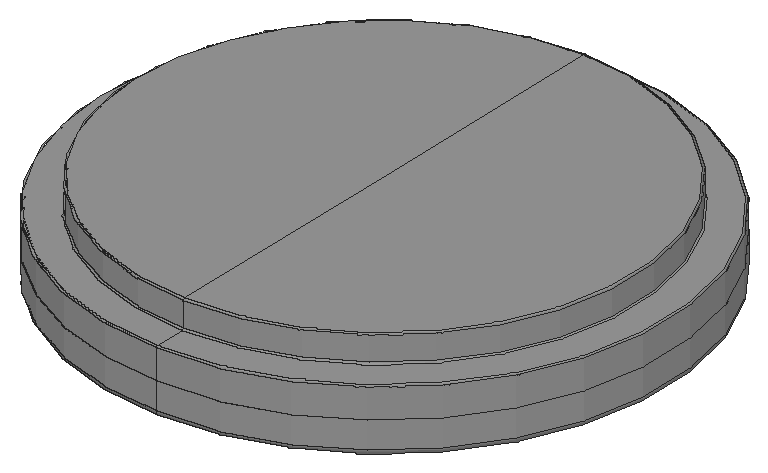
Revit family "FMS1_63_UN_Surface-mounted_ETK", category Lighting Fixtures, Revit 2019 (continued)
Definition of nested family "FMS.1 - Lightsource"
  Parameters (values of type "FMS.1110.10 - Ø270 / 18W / 1120lm / 4000K")
      394.7084\t391.0909\t387.0552\r\n382.4227\t377.3501\t371.7125\t365.6289\t359.0797\t352.0101\t344.5153\t336.5336\t328.0834\t319.186\r\n310.0492\t300.3991\t290.6808\t280.0535\t269.1382\t257.6606\t245.9715\t234.0356\t221.994\t209.6474\r\n197.1639\t184.5242\t171.8904\t158.2648\t144.4077\t130.6839\t117.093\t103.3426\t89.5213\t76.4321\r\n62.9064\t50.3095\t38.9022\t28.6824\t0\t0\r\n405.3384\t405.5619\t405.0308\t404.1037\t402.4481\t400.3826\t397.8529\t394.7029\t391.0716\t386.9514\r\n382.295\t377.2986\t371.6562\t365.6032\t359.0556\t351.9937\t344.5103\t336.584\t328.1776\t319.3532\r\n310.0974\t300.3356\t290.3174\t279.8488\t269.1115\t258.1537\t246.5385\t234.5863\t222.1937\t209.6472\r\n196.9332\t184.0086\t170.9271\t157.807\t144.7993\t131.1715\t116.9912\t103.0076\t89.4388\t75.7848\r\n62.8691\t50.2334\t38.592\t27.1196\t0\t0\r\n405.3384\t405.5633\t405.0407\t404.1312\t402.6392\t400.4187\t397.881\t394.7292\t391.0895\t386.9644\r\n382.2746\t377.1648\t371.4996\t365.4693\t358.9878\t351.9131\t344.4464\t336.5353\t328.1318\t319.3478\r\n310.1011\t300.4485\t290.394\t279.9618\t269.1603\t257.9107\t246.3524\t234.5985\t222.4284\t210.1088\r\n197.3969\t184.1969\t170.8703\t157.4428\t143.9608\t130.43\t116.9468\t103.5478\t89.3098\t75.5778\r\n62.4619\t50.0702\t38.7502\t24.5387\t1.901\t0\r\n405.3384\t405.5636\t405.0466\t404.1492\t402.6681\t400.5955\t398.0664\t394.9307\t391.1454\t387.0248\r\n382.3139\t377.1828\t371.4901\t365.4554\t358.8567\t351.7264\t344.248\t336.3296\t327.9212\t319.2201\r\n309.9694\t300.3191\t290.2888\t279.8993\t269.135\t258.007\t246.5323\t234.736\t222.5462\t210.0919\r\n197.3723\t184.3271\t171.1345\t157.7225\t144.2137\t130.4595\t116.5463\t102.7293\t88.9906\t75.6756\r\n62.4842\t49.7099\t38.4108\t19.5388\t9.0852\t0\r\n405.3384\t405.5627\t405.0483\t404.1575\t402.6822\t400.6129\t398.0939\t394.9827\t391.3659\t387.2691\r\n382.55\t377.4142\t371.7081\t365.686\t358.9237\t351.7483\t344.2571\t336.3046\t327.8656\t319.0519\r\n309.7319\t300.073\t290.0393\t279.6352\t268.8689\t257.7186\t246.2608\t234.4573\t222.2884\t210.0107\r\n197.2602\t184.3582\t171.2221\t157.8358\t144.2992\t130.7043\t116.8944\t103.0094\t89.1137\t75.4482\r\n62.0725\t49.5077\t38.5681\t16.4085\t6.3848\t0\r\n405.3384\t405.5608\t405.0458\t404.1562\t402.6815\t400.6096\t398.0931\t394.9913\t391.3746\t387.2895\r\n382.5726\t377.4458\t371.7456\t365.7409\t359.116\t351.9176\t344.4382\t336.4672\t328.028\t319.2025\r\n309.8386\t300.1705\t290.1395\t279.7338\t268.942\t257.7639\t246.2815\t234.4244\t222.1929\t209.9028\r\n196.969\t184.0235\t170.8906\t157.4183\t143.9226\t130.2982\t116.5333\t102.7217\t88.9801\t75.3324\r\n62.0708\t49.4881\t37.8886\t16.6443\t6.3206\t4.5649\r\n405.3384\t405.5579\t405.0392\t404.1453\t402.6658\t400.5861\t398.064\t394.9565\t391.3223\t387.2272\r\n382.4989\t377.367\t371.656\t365.6345\t358.8616\t351.6754\t344.1767\t336.2087\t327.7721\t318.9511\r\n309.6246\t299.9461\t289.9153\t279.5013\t268.7141\t257.5244\t246.0492\t234.2476\t222.0584\t209.8057\r\n197.0631\t184.1389\t170.9819\t157.6062\t144.0805\t130.4305\t116.7655\t102.8872\t88.9857\t75.3165\r\n61.9974\t49.5022\t38.5004\t19.5133\t10.1573\t0\r\n405.3384\t405.5537\t405.0285\t404.1246\t402.6354\t400.5421\t398.006\t394.879\t391.057\t386.9398\r\n382.2102\t377.0886\t371.3854\t365.3521\t358.7336\t351.5762\t344.0881\t336.1427\t327.7345\t319.0228\r\n309.7484\t300.0828\t290.0448\t279.6173\t268.8275\t257.6208\t246.1171\t234.3028\t222.0743\t209.66\r\n196.8854\t183.8167\t170.5486\t157.0989\t143.5804\t129.9288\t116.1512\t102.4281\t88.8066\t75.5773\r\n62.493\t49.7093\t38.2595\t25.0307\t14.9589\t0\r\n405.3384\t405.5487\t405.0137\t404.0945\t402.5903\t400.3393\t397.7919\t394.6519\t390.9587\t386.8388\r\n382.1207\t377.0237\t371.3413\t365.3181\t358.8128\t351.6794\t344.2118\t336.2599\t327.8486\t319.0383\r\n309.7477\t300.0564\t289.9668\t279.4805\t268.6528\t257.2839\t245.7289\t233.9178\t221.7092\t209.3665\r\n196.5454\t183.3687\t170.0181\t156.5779\t143.1684\t129.7197\t116.3848\t103.1589\t88.9988\t75.3396\r\n62.3046\t50.0937\t38.8254\t28.0997\t2.873\t0\r\n405.3384\t405.5424\t404.9947\t404.055\t402.3835\t400.2776\t397.7298\t394.604\t390.8997\t386.7863\r\n382.0919\t377.1147\t371.4463\t365.407\t358.8101\t351.6735\t344.1847\t336.2129\t327.7678\t318.9134\r\n309.5687\t299.7567\t289.6031\t279.1338\t268.3599\t257.1899\t245.6509\t233.7994\t221.2737\t208.667\r\n195.8953\t182.9771\t169.8766\t156.7282\t143.8338\t130.2381\t116.1827\t102.4101\t88.9484\t75.4168\r\n62.7296\t50.3091\t39.1414\t29.704\t0\t0\r\n405.3384\t405.5351\t404.9716\t403.8532\t402.3311\t400.2301\t397.6855\t394.5908\t390.8787\t386.8617\r\n382.175\t377.112\t371.4367\t365.3594\t358.743\t351.6058\t344.0956\t336.0642\t327.5154\t318.5932\r\n309.2834\t299.6126\t289.6216\t279.1214\t268.1429\t256.518\t244.9018\t233.0679\t220.8676\t208.4546\r\n195.9224\t183.2678\t170.6349\t156.9081\t143.1149\t129.4264\t115.9638\t102.4748\t88.9243\t76.0325\r\n62.7599\t50.5163\t39.7576\t30.4051\t0\t0\r\n405.3384\t405.5268\t404.9446\t403.805\t402.2873\t400.1964\t397.6585\t394.6138\t390.9631\t386.846\r\n382.1518\t377.0764\t371.382\t365.2552\t358.5991\t351.4668\t343.8615\t335.8105\t327.4306\t318.7174\r\n309.3728\t299.5147\t288.9811\t278.3636\t267.4085\t256.1152\t244.6556\t232.9217\t220.9954\t208.7993\r\n196.6284\t183.2571\t169.7766\t156.2175\t142.8009\t129.5874\t115.8561\t102.4694\t89.5373\t75.801\r\n62.8374\t50.9146\t40.2047\t6.0894\t0\t0\r\n405.3384\t405.5175\t404.9137\t403.7611\t402.2519\t400.1761\t397.6486\t394.7553\t390.9488\t386.789\r\n382.1121\t377.0119\t371.2861\t365.1175\t358.3294\t351.2537\t343.813\t335.977\t327.5604\t318.4278\r\n308.6974\t298.7546\t288.5068\t277.9956\t267.1616\t256.1159\t244.8144\t233.2945\t221.7169\t208.8064\r\n195.7188\t182.5554\t169.3922\t156.2082\t142.9406\t129.1804\t115.9091\t102.9762\t89.1253\t75.8369\r\n63.1021\t51.3207\t40.5082\t0\t0\t0\r\n405.3384\t405.5071\t404.732\t403.7215\t402.2248\t400.1686\t397.7338\t394.8479\t390.8965\t386.7357\r\n382.0539\t376.9054\t371.1484\t364.8842\t358.2241\t351.4508\t343.9783\t335.7216\t326.8896\t317.6788\r\n308.2461\t298.3973\t288.3086\t277.939\t267.2925\t256.4485\t245.5245\t233.6216\t220.7985\t208.0817\r\n195.2276\t182.3754\t169.6036\t156.0708\t142.5048\t129.2499\t116.3261\t102.426\t89.0803\t75.9582\r\n63.4055\t51.6359\t45.2068\t0\t0\t0\r\n405.3384\t405.4958\t404.7008\t403.6862\t402.2055\t400.2642\t397.7241\t394.865\t390.8568\t386.6659\r\n381.976\t376.6726\t370.9429\t364.8366\t358.4087\t351.334\t343.5563\t334.9914\t326.3919\t317.3169\r\n308.0073\t298.2976\t288.3747\t278.1618\t267.7576\t257.0033\t244.8286\t232.6273\t220.2623\t207.8032\r\n195.2499\t182.6548\t169.1292\t155.7437\t142.619\t129.6789\t115.7028\t102.2394\t89.062\t76.0071\r\n63.5996\t51.8486\t11.6838\t0\t0\t0\r\n405.3384\t405.4834\t404.6711\t403.6553\t402.1936\t400.258\t397.6979\t394.8548\t390.809\t386.5801\r\n381.7953\t376.5628\t370.9021\t365.0558\t358.2517\t350.708\t342.8497\t334.6091\t326.0741\t317.1853\r\n307.9783\t298.4528\t288.6922\t278.8691\t267.9516\t256.0449\t244.1901\t232.1682\t220.074\t207.8676\r\n195.4583\t182.0264\t168.8523\t155.8456\t142.9997\t129.0282\t115.4645\t102.3448\t88.8812\t76.0111\r\n63.697\t51.9403\t0\t0\t0\t0\r\n405.3384\t405.4702\t404.6431\t403.6287\t402.2832\t400.2467\t397.6616\t394.8126\t390.7531\t386.4813\r\n381.7031\t376.5033\t371.0899\t364.866\t357.6417\t350.2384\t342.4952\t334.4178\t325.9215\t317.2094\r\n308.1434\t298.8419\t289.3001\t278.281\t266.9656\t255.5234\t243.8676\t232.0908\t220.4035\t207.9609\r\n194.7531\t181.8051\t168.927\t156.2326\t142.3126\t128.7065\t115.4865\t101.9757\t88.7309\t76.0048\r\n63.7421\t56.6766\t0\t0\t0\t0\r\n405.3384\t405.4561\t404.6167\t403.6076\t402.2769\t400.2274\t397.6166\t394.7349\t390.6867\t386.33\r\n381.656\t376.7279\t370.9169\t364.2502\t357.2389\t349.8681\t342.264\t334.3087\t325.9477\t317.3662\r\n308.4811\t299.3487\t288.5326\t277.6229\t266.5022\t255.2499\t243.8518\t232.5118\t220.0293\t207.2658\r\n194.5118\t181.8749\t169.3599\t155.551\t141.9034\t128.5853\t115.2093\t101.7082\t88.6305\t75.9892\r\n63.7506\t34.8823\t0\t0\t0\t0\r\n405.3384\t405.441\t404.5919\t403.5925\t402.2647\t400.2005\t397.5636\t394.6195\t390.511\t386.2918\r\n381.8682\t376.6329\t370.3868\t363.8318\t356.9304\t349.652\t342.1589\t334.2951\t326.1382\t317.7058\r\n308.9338\t298.5236\t287.9506\t277.1892\t266.2979\t255.2333\t244.3108\t232.0843\t219.5682\t206.9936\r\n194.5653\t182.2533\t168.7385\t155.1122\t141.7148\t128.5532\t114.8199\t101.4796\t88.5326\t75.9589\r\n63.7436\t0\t0\t0\t0\t0\r\n405.3384\t405.4251\t404.5685\t403.5817\t402.2465\t400.1668\t397.508\t394.4112\t390.4413\t386.2913\r\n381.8067\t376.4311\t370.0062\t363.505\t356.7156\t349.5603\t342.1638\t334.4401\t326.4674\t318.1326\r\n308.1103\t297.9214\t287.5762\t277.012\t266.3002\t255.6656\t243.832\t231.5923\t219.2864\t207.014\r\n194.9442\t181.7689\t168.1866\t154.8828\t141.8181\t128.0517\t114.4929\t101.2468\t88.4031\t75.8633\r\n69.485\t0\t0\t0\t0\t0\r\n405.3384\t405.2485\t404.5335\t403.6645\t402.2224\t400.1255\t397.475\t394.1709\t390.3989\t386.5385\r\n381.6223\t375.8443\t369.6864\t363.2614\t356.5777\t349.5494\t342.2587\t334.7322\t326.9154\t317.3685\r\n307.5367\t297.5489\t287.3558\t277.0195\t266.7127\t255.5088\t243.294\t231.2722\t219.2355\t207.2358\r\n194.7953\t181.1626\t167.9131\t154.7557\t141.4371\t127.7042\t114.2298\t101.0851\t88.2593\t75.7374\r\n52.566\t0\t0\t0\t0\t0\r\n405.3384\t405.2313\t404.5149\t403.6585\t402.1924\t400.0874\t397.4062\t394.0524\t390.3827\t386.4783\r\n381.347\t375.4965\t369.4174\t363.101\t356.5087\t349.625\t342.4702\t335.2626\t326.2434\t316.8153\r\n307.1624\t297.3178\t287.3215\t277.1874\t266.6991\t254.7569\t242.9726\t231.1253\t219.3601\t207.4539\r\n194.0571\t180.8106\t167.6988\t154.8237\t140.9526\t127.3463\t114.024\t100.9381\t88.1442\t75.6199\r\n8.3292\t0\t0\t0\t0\t0\r\n405.3384\t405.2143\t404.4979\t403.65\t402.1564\t400.0372\t397.3255\t393.9625\t390.6129\t386.3063\r\n380.8286\t375.1745\t369.2361\t363.0129\t356.5201\t349.7807\t343.0483\t335.0507\t325.7043\t316.3858\r\n306.914\t297.2339\t287.4377\t277.4576\t265.9553\t254.3844\t242.7811\t231.1938\t219.6917\t206.6946\r\n193.5598\t180.5774\t167.6861\t154.2617\t140.5223\t127.0588\t113.7914\t100.7972\t88.0366\t83.4326\r\n0\t0\t0\t0\t0\t0\r\n405.3384\t405.1978\t404.4825\t403.6384\t402.0911\t399.9817\t397.1408\t393.8852\t390.547\t386.0015\r\n380.5505\t374.9336\t369.1354\t362.9788\t356.6063\t350.0031\t343.0514\t334.2028\t325.2569\t316.0815\r\n306.771\t297.3248\t287.8218\t276.8308\t265.4808\t254.1562\t242.7619\t231.3645\t219.1669\t206.151\r\n193.2513\t180.4127\t167.6455\t153.7701\t140.1673\t126.7721\t113.5971\t100.6559\t87.9035\t73.2104\r\n0\t0\t0\t0\t0\t0\r\n405.3384\t405.1816\t404.4685\t403.6236\t402.0462\t399.9218\t397.0406\t393.8449\t390.4197\t385.4588\r\n380.303\t374.7523\t369.0481\t362.9941\t356.7556\t350.4899\t342.3766\t333.7323\t324.91\t315.93\r\n306.7423\t297.7012\t287.638\t276.3403\t265.2041\t254.0066\t242.8588\t231.5472\t218.5675\t205.791\r\n193.0312\t180.5339\t166.992\t153.2951\t139.8329\t126.5198\t113.4096\t100.488\t87.7644\t50.183\r\n0\t0\t0\t0\t0\t0\r\n405.3384\t405.1658\t404.4556\t403.605\t402.0047\t399.8587\t396.9678\t394.0484\t390.2485\t385.1764\r\n380.0833\t374.6292\t368.9744\t363.0772\t356.9562\t350.3807\t341.8775\t333.354\t324.6587\t315.8276\r\n306.8408\t297.6991\t286.865\t275.9921\t265.0466\t254.0282\t243.181\t230.8144\t218.1129\t205.4704\r\n192.95\t180.3241\t166.4787\t152.9016\t139.4897\t126.2465\t113.2069\t100.3244\t87.5932\t7.0091\r\n0\t0\t0\t0\t0\t0\r\n405.3384\t405.1736\t404.4436\t403.5723\t401.9608\t399.8075\t396.909\t394.0477\t390.0041\t384.9479\r\n379.8834\t374.551\t368.9703\t363.21\t357.4063\t349.6805\t341.4574\t333.0643\t324.521\t315.8139\r\n307.234\t297.0694\t286.4243\t275.712\t264.9568\t254.1683\t243.0001\t230.2308\t217.7563\t205.2779\r\n193.0318\t179.6139\t166.0256\t152.5274\t139.1851\t126.0071\t112.9942\t100.1243\t93.9816\t0\r\n0\t0\t0\t0\t0\t0\r\n405.3384\t405.1582\t404.4323\t403.5458\t401.9186\t399.7372\t396.864\t393.9692\t389.4676\t384.7303\r\n379.7002\t374.4837\t369.0179\t363.3474\t357.309\t349.2254\t341.1152\t332.8524\t324.4403\t315.899\r\n307.1158\t296.6023\t286.0655\t275.5201\t264.9227\t254.484\t242.2719\t229.8418\t217.4461\t205.1551\r\n192.8003\t179.0668\t165.548\t152.1467\t138.9029\t125.7703\t112.7705\t99.923\t81.4643\t0\r\n0\t0\t0\t0\t0\t0\r\n405.3384\t405.1427\t404.4215\t403.5172\t401.8789\t399.5738\t396.8307\t393.84\t389.2108\t384.5347\r\n379.5711\t374.4387\t369.0911\t363.8155\t356.9853\t348.8325\t340.836\t332.7132\t324.4347\t316.2659\r\n306.469\t296.1791\t285.8331\t275.4029\t264.9879\t254.1807\t241.7605\t229.4924\t217.282\t205.2627\r\n192.1131\t178.5645\t165.1154\t151.7836\t138.585\t125.5095\t112.5563\t99.7128\t60.9146\t0\r\n0\t0\t0\t0\t0\t0\r\n405.3384\t405.1268\t404.411\t403.4869\t401.8689\t399.5039\t396.8145\t393.6447\t388.9954\t384.3538\r\n379.4857\t374.4179\t369.1782\t363.8193\t356.2567\t348.5043\t340.6114\t332.606\t324.4985\t316.1813\r\n306.0112\t295.8319\t285.6355\t275.3934\t265.2495\t253.4097\t241.2878\t229.2124\t217.1097\t205.0994\r\n191.5675\t178.0818\t164.7012\t151.456\t138.2911\t125.2321\t112.3059\t99.4762\t16.2983\t0\r\n0\t0\t0\t0\t0\t0\r\n405.3384\t405.1108\t404.4903\t403.4555\t401.8237\t399.4103\t397.0305\t393.4442\t388.8336\t384.1754\r\n379.4075\t374.43\t369.2737\t363.6191\t355.8892\t348.234\t340.4491\t332.5491\t324.8276\t315.8567\r\n305.6102\t295.5819\t285.4934\t275.413\t265.0581\t252.9031\t240.9149\t228.9525\t217.0191\t204.6975\r\n191.0128\t177.6397\t164.3329\t151.1167\t137.9969\t124.9687\t112.062\t107.5917\t0.7007\t0\r\n0\t0\t0\t0\t0\t0\r\n405.3384\t405.0944\t404.4708\t403.4232\t401.771\t399.3535\t397.0169\t393.0022\t388.6496\t384.0408\r\n379.3374\t374.4627\t369.6852\t362.9627\t355.5698\t348.0061\t340.3388\t332.5584\t324.7942\t315.1398\r\n305.2951\t295.3698\t285.4247\t275.6825\t264.3367\t252.5037\t240.6145\t228.7679\t217.1002\t203.9238\r\n190.5367\t177.2097\t163.9532\t150.792\t137.717\t124.7302\t111.8063\t98.8725\t0\t0\r\n0\t0\t0\t0\t0\t0\r\n405.3384\t405.0776\t404.4545\t403.3908\t401.7101\t399.3099\t396.9567\t392.7976\t388.4495\t383.9609\r\n379.2847\t374.4998\t369.6843\t362.5741\t355.27\t347.8284\t340.249\t332.6102\t324.5858\t314.7295\r\n304.9935\t295.2193\t285.3785\t275.5735\t263.8563\t252.1042\t240.3755\t228.643\t216.8475\t203.3823\r\n190.0477\t176.7881\t163.6007\t150.4803\t137.4402\t124.4543\t111.5517\t85.0694\t0\t0\r\n0\t0\t0\t0\t0\t0\r\n405.3384\t405.0604\t404.4375\t403.3708\t401.6143\t399.2784\t396.8678\t392.6205\t388.286\t383.8712\r\n379.2482\t374.5384\t369.5416\t362.2694\t354.9882\t347.6747\t340.2311\t332.9204\t323.9709\t314.3815\r\n304.7666\t295.0886\t285.3921\t275.2484\t263.399\t251.7743\t240.1515\t228.5226\t216.4169\t202.8894\r\n189.6152\t176.4056\t163.2526\t150.1706\t137.1488\t124.1833\t111.2847\t67.3012\t0\t0\r\n0\t0\t0\t0\t0\t0\r\n405.3384\t405.0427\t404.4198\t403.3318\t401.5423\t399.2809\t396.7363\t392.489\t388.1443\t383.7593\r\n379.2585\t374.6007\t369.2833\t361.9708\t354.796\t347.5124\t340.2151\t332.8981\t323.5654\t314.0775\r\n304.5571\t295.0196\t285.6448\t274.5513\t263.0117\t251.4537\t239.942\t228.6113\t215.6596\t202.3901\r\n189.1856\t176.0419\t162.932\t149.883\t136.8857\t123.9284\t122.8764\t24.0819\t0\t0\r\n0\t0\t0\t0\t0\t0\r\n405.3384\t405.0244\t404.402\t403.293\t401.4733\t399.2445\t396.6121\t392.3366\t388.0271\t383.6686\r\n379.2507\t374.9702\t368.6448\t361.6732\t354.6081\t347.4237\t340.1562\t332.7313\t323.2268\t313.8119\r\n304.3844\t294.9379\t285.5233\t274.1363\t262.6612\t251.2131\t239.7592\t228.325\t215.0958\t201.9145\r\n188.7725\t175.6617\t162.5822\t149.5668\t136.5956\t123.6688\t120.5677\t9.957\t0\t0\r\n0\t0\t0\t0\t0\t0\r\n405.3384\t405.0054\t404.384\t403.2512\t401.3208\t399.1951\t396.4819\t392.1762\t387.9514\t383.5908\r\n379.2078\t374.9606\t368.3521\t361.3828\t354.4067\t347.3472\t340.1951\t332.3855\t322.9143\t313.5971\r\n304.2281\t294.8631\t285.2223\t273.7182\t262.3605\t251.0007\t239.6319\t227.9627\t214.5968\t201.4525\r\n188.3381\t175.2686\t162.2411\t149.2486\t136.2977\t123.3792\t114.9625\t0\t0\t0\r\n0\t0\t0\t0\t0\t0\r\n405.3384\t404.9858\t404.3663\t403.2062\t401.2807\t399.3352\t396.3671\t391.9995\t387.8556\t383.5414\r\n379.1954\t374.8369\t368.0781\t361.1669\t354.2081\t347.2392\t340.4601\t331.7946\t322.572\t313.375\r\n304.1344\t294.8515\t284.8364\t273.3137\t262.0496\t250.7828\t239.7394\t227.2719\t214.143\t201.0284\r\n187.957\t174.9188\t161.9031\t148.9358\t135.9942\t123.0935\t106.9167\t0\t0\t0\r\n0\t0\t0\t0\t0\t0\r\n405.3384\t404.9657\t404.3491\t403.137\t401.2259\t399.2718\t396.1988\t391.8626\t387.7249\t383.5318\r\n379.2046\t374.674\t367.8035\t360.9786\t354.0767\t347.1349\t340.3019\t331.4341\t322.3187\t313.1475\r\n303.9869\t295.0203\t284.1943\t272.9865\t261.7665\t250.5691\t239.5527\t226.7795\t213.6915\t200.6354\r\n187.5885\t174.5759\t161.5912\t148.6211\t135.6938\t122.7886\t97.1013\t0\t0\t0\r\n0\t0\t0\t0\t0\t0\r\n405.3384\t404.9447\t404.3643\t403.0908\t401.1696\t399.2115\t395.7381\t391.7602\t387.6137\t383.4745\r\n379.2433\t374.4878\t367.536\t360.7869\t353.9653\t347.0886\t340.1271\t331.0609\t322.0462\t312.9846\r\n303.8666\t294.8288\t283.7883\t272.6681\t261.5277\t250.3816\t239.2929\t226.2978\t213.2501\t200.2267\r\n187.218\t174.2303\t161.2676\t148.3254\t135.4154\t122.514\t86.1249\t0\t0\t0\r\n0\t0\t0\t0\t0\t0\r\n405.3384\t404.9229\t404.3466\t403.048\t401.1114\t399.1739\t395.5625\t391.6161\t387.5292\t383.3775\r\n379.2387\t374.3121\t367.2962\t360.5925\t353.8461\t347.0574\t339.9336\t330.7756\t321.7646\t312.7595\r\n303.7724\t294.6075\t283.4083\t272.337\t261.2567\t250.1906\t238.9891\t225.8589\t212.8415\t199.8294\r\n186.8583\t173.8966\t160.9568\t148.0252\t135.1175\t122.2164\t74.5102\t0\t0\t0\r\n0\t0\t0\t0\t0\t0\r\n405.3384\t404.9005\t404.3255\t403.009\t401.0339\t399.1156\t395.4146\t391.4309\t387.4243\t383.3208\r\n379.4976\t373.7544\t367.1078\t360.4023\t353.7011\t347.0017\t339.7099\t330.5052\t321.5623\t312.5965\r\n303.6305\t294.2656\t283.057\t272.0629\t261.0319\t250.0033\t238.6069\t225.4043\t212.4214\t199.4582\r\n186.5098\t173.5796\t160.6474\t147.7264\t134.8117\t134.8645\t35.7949\t0\t0\t0\r\n0\t0\t0\t0\t0\t0\r\n405.3384\t404.8772\t404.301\t402.9743\t400.978\t399.0523\t395.3086\t391.2952\t387.2858\t383.248\r\n379.4366\t373.4825\t366.884\t360.2677\t353.5976\t347.1681\t339.3917\t330.259\t321.3543\t312.4464\r\n303.5241\t293.9556\t282.7397\t271.7601\t260.7829\t249.8115\t238.199\t224.9904\t212.0355\t1
